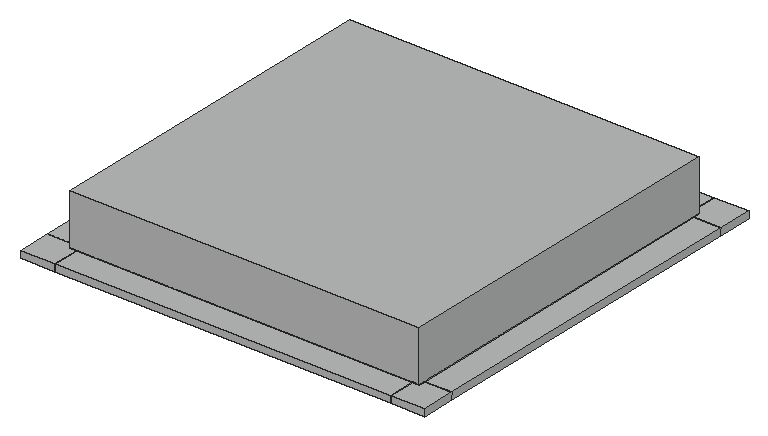
Revit family "ALUMOGIPS", category Осветительные приборы, Revit 2019 (continued)
Types (72, lengths in mm): name | Файл фотометрической сетки | built-in parameter 1150105 | Lumens | built-in parameter 1150106 | built-in parameter 1150142 | Wattage | Emit from Rectangle Width | Emit from Rectangle Length | Длина | Материал светильника | Ширина | ADSK_Ток | ADSK_Полная мощность | ADSK_Обозначение | ADSK_Номинальная мощность | ADSK_Наименование | ADSK_Масса | ADSK_Код изделия
  Alumogips-38/opal-sand 295х1195 (IP54, 4000К, белый) | "Светильник ALUMOGIPS-38 OPAL-SAND-(295x1195).ies" | 302.39 (stored number, unit not read) | 3800 lm | 3.0239 (stored number, unit not read) | "IESNA:LM-63-1995\r\n[TEST] Протокол №334/16 от 03.11.2016г. Испытательная лаборатория Государственного предприятия \"ЦСОТ НАН Беларуси\"\r\n[MORE] FFFFFFFD255B12BA015C13F525FB5F2F2\r\n[DATA] 02.11.2016\r\n[MANUFAC] ЗАО \"Центрстройсвет\"\r\n[LUMCAT] Светильник ALUMOGIPS-38/OPAL-SAND-(295X1195)\r\n[LUMINAIRE] офисное освещение\r\n[LAMP] \r\nTILT=NONE\r\n1    -1.0   1.000 91 181 1 2   .295   1.195   0.04\r\n1.0  1.0   37.90\r\n0.0 2.0 4.0 6.0 8.0 10.0 12.0 14.0 16.0 18.0 20.0 22.0 24.0 26.0 28.0 30.0 32.0 34.0 36.0 38.0 40.0 42.0 44.0 46.0 48.0 50.0 52.0 54.0 56.0 58.0 60.0 62.0 64.0 66.0 68.0 70.0 72.0 74.0 76.0 78.0 80.0 82.0 84.0 86.0 88.0 90.0 92.0 94.0 96.0 98.0 100.0 102.0 104.0 106.0 108.0 110.0 112.0 114.0 116.0 118.0 120.0 122.0 124.0 126.0 128.0 130.0 132.0 134.0 136.0 138.0 140.0 142.0 144.0 146.0 148.0 150.0 152.0 154.0 156.0 158.0 160.0 162.0 164.0 166.0 168.0 170.0 172.0 174.0 176.0 178.0 180.0 \r\n0.0 2.0 4.0 6.0 8.0 10.0 12.0 14.0 16.0 18.0 20.0 22.0 24.0 26.0 28.0 30.0 32.0 34.0 36.0 38.0 40.0 42.0 44.0 46.0 48.0 50.0 52.0 54.0 56.0 58.0 60.0 62.0 64.0 66.0 68.0 70.0 72.0 74.0 76.0 78.0 80.0 82.0 84.0 86.0 88.0 90.0 92.0 94.0 96.0 98.0 100.0 102.0 104.0 106.0 108.0 110.0 112.0 114.0 116.0 118.0 120.0 122.0 124.0 126.0 128.0 130.0 132.0 134.0 136.0 138.0 140.0 142.0 144.0 146.0 148.0 150.0 152.0 154.0 156.0 158.0 160.0 162.0 164.0 166.0 168.0 170.0 172.0 174.0 176.0 178.0 180.0 182.0 184.0 186.0 188.0 190.0 192.0 194.0 196.0 198.0 200.0 202.0 204.0 206.0 208.0 210.0 212.0 214.0 216.0 218.0 220.0 222.0 224.0 226.0 228.0 230.0 232.0 234.0 236.0 238.0 240.0 242.0 244.0 246.0 248.0 250.0 252.0 254.0 256.0 258.0 260.0 262.0 264.0 266.0 268.0 270.0 272.0 274.0 276.0 278.0 280.0 282.0 284.0 286.0 288.0 290.0 292.0 294.0 296.0 298.0 300.0 302.0 304.0 306.0 308.0 310.0 312.0 314.0 316.0 318.0 320.0 322.0 324.0 326.0 328.0 330.0 332.0 334.0 336.0 338.0 340.0 342.0 344.0 346.0 348.0 350.0 352.0 354.0 356.0 358.0 360.0 \r\n1417.637 1416.354 1411.816 1405.303 1395.733 1384.288 1370.276 1353.307 1334.658 1313.741 1290.456 1264.901 1237.669 1208.563 1177.582 1144.923 1111.476 1076.252 \r\n1039.646 1001.857 963.476 923.417 883.260 842.018 801.072 758.644 716.317 673.693 630.576 587.064 543.749 500.435 457.614 414.891 371.972 330.137 289.191 248.836 209.765 171.778 \r\n133.693 99.653 67.389 36.901 9.077 0.592 0.592 0.592 0.493 0.493 0.493 0.493 0.493 0.493 0.493 0.493 0.395 0.395 0.395 0.395 0.395 0.395 0.395 0.296 0.296 0.296 0.296 0.296 0.296 0.296 0.296 0.197 \r\n0.197 0.197 0.197 0.197 0.197 0.197 0.197 0.098 0.098 0.098 0.098 0.098 0.098 0.098 0.098 0.000 0.000 0.000 0.000 \r\n1417.637 1416.453 1411.914 1405.402 1395.930 1384.583 1370.671 1353.701 1335.053 1314.234 1290.850 1265.395 1238.261 1209.155 1178.075 1145.515 1112.067 1076.844 \r\n1040.239 1002.548 964.167 924.207 883.951 842.708 801.762 759.336 717.008 674.383 631.267 587.755 544.441 501.126 458.206 415.385 372.465 330.631 289.585 249.231 210.160 172.172 \r\n134.088 99.949 67.685 37.198 9.275 0.592 0.592 0.592 0.493 0.493 0.493 0.493 0.493 0.493 0.493 0.493 0.395 0.395 0.395 0.395 0.395 0.395 0.395 0.296 0.296 0.296 0.296 0.296 0.296 0.296 0.296 0.197 \r\n0.197 0.197 0.197 0.197 0.197 0.197 0.197 0.098 0.098 0.098 0.098 0.098 0.098 0.098 0.098 0.000 0.000 0.000 0.000 \r\n1417.637 1416.453 1412.013 1405.600 1396.226 1384.781 1370.968 1354.095 1335.448 1314.629 1291.344 1265.888 1238.754 1209.648 1178.667 1146.206 1112.758 1077.534 \r\n1040.929 1003.140 964.857 924.898 884.740 843.400 802.453 760.026 717.698 674.976 631.859 588.446 545.032 501.718 458.798 415.977 373.057 331.124 290.079 249.625 210.553 172.567 \r\n134.383 100.245 67.883 37.394 9.472 0.592 0.592 0.592 0.493 0.493 0.493 0.493 0.493 0.493 0.493 0.493 0.395 0.395 0.395 0.395 0.395 0.395 0.395 0.296 0.296 0.296 0.296 0.296 0.296 0.296 0.296 0.197 \r\n0.197 0.197 0.197 0.197 0.197 0.197 0.197 0.098 0.098 0.098 0.098 0.098 0.098 0.098 0.098 0.000 0.000 0.000 0.000 \r\n1417.637 1416.551 1412.111 1405.796 1396.423 1385.077 1371.264 1354.391 1335.842 1315.024 1291.837 1266.382 1239.248 1210.240 1179.259 1146.798 1113.350 1078.126 \r\n1041.620 1003.831 965.548 925.588 885.431 844.090 803.143 760.717 718.389 675.666 632.549 589.038 545.723 502.310 459.390 416.569 373.550 331.617 290.474 250.119 210.948 172.863 \r\n134.679 100.541 68.178 37.591 9.669 0.592 0.592 0.592 0.493 0.493 0.493 0.493 0.493 0.493 0.493 0.493 0.395 0.395 0.395 0.395 0.395 0.395 0.395 0.296 0.296 0.296 0.296 0.296 0.296 0.296 0.296 0.197 \r\n0.197 0.197 0.197 0.197 0.197 0.197 0.197 0.098 0.098 0.098 0.098 0.098 0.098 0.098 0.098 0.000 0.000 0.000 0.000 \r\n1417.637 1416.551 1412.309 1405.895 1396.621 1385.373 1371.559 1354.786 1336.237 1315.419 1292.232 1266.875 1239.742 1210.733 1179.851 1147.390 1113.942 1078.816 \r\n1042.310 1004.521 966.238 926.279 886.121 844.879 803.834 761.408 719.080 676.357 633.240 589.728 546.315 502.902 459.982 417.062 374.043 332.110 290.967 250.513 211.343 173.258 \r\n135.074 100.837 68.376 37.888 9.965 0.592 0.592 0.592 0.493 0.493 0.493 0.493 0.493 0.493 0.493 0.493 0.395 0.395 0.395 0.395 0.395 0.395 0.395 0.296 0.296 0.296 0.296 0.296 0.296 0.296 0.296 0.197 \r\n0.197 0.197 0.197 0.197 0.197 0.197 0.197 0.098 0.098 0.098 0.098 0.098 0.098 0.098 0.098 0.000 0.000 0.000 0.000 \r\n1417.637 1416.650 1412.407 1406.093 1396.917 1385.669 1371.954 1355.181 1336.632 1315.912 1292.725 1267.368 1240.334 1211.325 1180.443 1147.982 1114.633 1079.409 \r\n1042.903 1005.212 966.929 926.969 886.812 845.569 804.524 762.098 719.770 677.048 633.832 590.320 546.907 503.494 460.574 417.654 374.636 332.603 291.460 250.908 211.738 173.653 \r\n135.371 101.133 68.671 38.086 10.163 0.592 0.592 0.592 0.493 0.493 0.493 0.493 0.493 0.493 0.493 0.493 0.395 0.395 0.395 0.395 0.395 0.395 0.395 0.296 0.296 0.296 0.296 0.296 0.296 0.296 0.296 0.197 \r\n0.197 0.197 0.197 0.197 0.197 0.197 0.197 0.098 0.098 0.098 0.098 0.098 0.098 0.098 0.098 0.000 0.000 0.000 0.000 \r\n1417.637 1416.650 1412.506 1406.191 1397.114 1385.866 1372.250 1355.576 1337.027 1316.307 1293.218 1267.861 1240.827 1211.918 1181.035 1148.672 1115.225 1080.099 \r\n1043.593 1005.902 967.620 927.660 887.503 846.260 805.215 762.789 720.461 677.739 634.523 591.011 547.598 504.086 461.166 418.247 375.129 333.098 291.855 251.401 212.132 173.948 \r\n135.666 101.429 68.968 38.381 10.360 0.592 0.592 0.592 0.493 0.493 0.493 0.493 0.493 0.493 0.493 0.493 0.395 0.395 0.395 0.395 0.395 0.395 0.395 0.296 0.296 0.296 0.296 0.296 0.296 0.296 0.296 0.197 \r\n0.197 0.197 0.197 0.197 0.197 0.197 0.197 0.098 0.098 0.098 0.098 0.098 0.098 0.098 0.098 0.000 0.000 0.000 0.000 \r\n1417.637 1416.650 1412.604 1406.389 1397.311 1386.162 1372.546 1355.871 1337.421 1316.701 1293.613 1268.355 1241.320 1212.411 1181.627 1149.265 1115.816 1080.691 \r\n1044.284 1006.593 968.212 928.351 888.194 846.951 805.906 763.479 721.151 678.429 635.213 591.702 548.190 504.777 461.758 418.740 375.721 333.591 292.348 251.796 212.527 174.343 \r\n135.962 101.627 69.165 38.579 10.557 0.592 0.592 0.592 0.493 0.493 0.493 0.493 0.493 0.493 0.493 0.395 0.395 0.395 0.395 0.395 0.395 0.395 0.395 0.296 0.296 0.296 0.296 0.296 0.296 0.296 0.296 0.197 \r\n0.197 0.197 0.197 0.197 0.197 0.197 0.197 0.098 0.098 0.098 0.098 0.098 0.098 0.098 0.098 0.000 0.000 0.000 0.000 \r\n1417.637 1416.749 1412.704 1406.586 1397.607 1386.458 1372.941 1356.266 1337.815 1317.095 1294.106 1268.848 1241.813 1213.003 1182.219 1149.856 1116.409 1081.382 \r\n1044.876 1007.283 968.902 929.042 888.885 847.642 806.597 764.170 721.843 679.120 635.806 592.293 548.881 505.368 462.351 419.332 376.214 334.084 292.841 252.191 212.922 174.738 \r\n136.357 101.922 69.461 38.776 10.853 0.592 0.592 0.592 0.493 0.493 0.493 0.493 0.493 0.493 0.493 0.395 0.395 0.395 0.395 0.395 0.395 0.395 0.395 0.296 0.296 0.296 0.296 0.296 0.296 0.296 0.296 0.197 \r\n0.197 0.197 0.197 0.197 0.197 0.197 0.197 0.098 0.098 0.098 0.098 0.098 0.098 0.098 0.098 0.000 0.000 0.000 0.000 \r\n1417.637 1416.749 1412.802 1406.684 1397.805 1386.754 1373.237 1356.661 1338.210 1317.589 1294.599 1269.341 1242.406 1213.496 1182.811 1150.448 1117.099 1081.974 \r\n1045.566 1007.974 969.593 929.732 889.575 848.333 807.287 764.861 722.533 679.712 636.496 592.985 549.472 505.960 462.942 419.825 376.707 334.577 293.236 252.684 213.317 175.034 \r\n136.652 102.218 69.659 39.072 11.051 0.592 0.592 0.592 0.493 0.493 0.493 0.493 0.493 0.493 0.493 0.395 0.395 0.395 0.395 0.395 0.395 0.395 0.395 0.296 0.296 0.296 0.296 0.296 0.296 0.296 0.296 0.197 \r\n0.197 0.197 0.197 0.197 0.197 0.197 0.197 0.098 0.098 0.098 0.098 0.098 0.098 0.098 0.098 0.000 0.000 0.000 0.000 \r\n1417.637 1416.848 1412.901 1406.882 1398.002 1387.051 1373.533 1356.957 1338.605 1317.983 1294.994 1269.834 1242.899 1214.089 1183.403 1151.041 1117.692 1082.665 \r\n1046.257 1008.566 970.284 930.423 890.266 849.121 807.978 765.552 723.224 680.403 637.187 593.675 550.163 506.553 463.534 420.416 377.300 335.071 293.729 253.079 213.712 175.429 \r\n136.949 102.515 69.954 39.269 11.248 0.592 0.592 0.592 0.493 0.493 0.493 0.493 0.493 0.493 0.493 0.395 0.395 0.395 0.395 0.395 0.395 0.395 0.395 0.296 0.296 0.296 0.296 0.296 0.296 0.296 0.296 0.197 \r\n0.197 0.197 0.197 0.197 0.197 0.197 0.197 0.098 0.098 0.098 0.098 0.098 0.098 0.098 0.098 0.000 0.000 0.000 0.000 \r\n1417.637 1416.848 1412.999 1407.079 1398.298 1387.247 1373.829 1357.352 1339.000 1318.378 1295.488 1270.327 1243.392 1214.680 1183.995 1151.731 1118.283 1083.257 \r\n1046.849 1009.257 970.975 931.113 891.055 849.813 808.668 766.242 723.914 681.093 637.779 594.266 550.755 507.145 464.126 421.009 377.793 335.564 294.222 253.474 214.105 175.823 \r\n137.343 102.810 70.250 39.467 11.445 0.592 0.592 0.592 0.493 0.493 0.493 0.493 0.493 0.493 0.493 0.395 0.395 0.395 0.395 0.395 0.395 0.395 0.395 0.296 0.296 0.296 0.296 0.296 0.296 0.296 0.296 0.197 \r\n0.197 0.197 0.197 0.197 0.197 0.197 0.197 0.098 0.098 0.098 0.098 0.098 0.098 0.098 0.098 0.000 0.000 0.000 0.000 \r\n1417.637 1416.946 1413.098 1407.178 1398.495 1387.544 1374.223 1357.747 1339.395 1318.773 1295.882 1270.822 1243.886 1215.174 1184.587 1152.323 1118.974 1083.848 \r\n1047.540 1009.947 971.665 931.903 891.746 850.503 809.359 766.933 724.507 681.784 638.470 594.958 551.445 507.836 464.718 421.502 378.287 336.057 294.617 253.967 214.500 176.119 \r\n137.640 103.106 70.447 39.762 11.741 0.592 0.592 0.592 0.493 0.493 0.493 0.493 0.493 0.493 0.493 0.395 0.395 0.395 0.395 0.395 0.395 0.395 0.395 0.296 0.296 0.296 0.296 0.296 0.296 0.296 0.296 0.197 \r\n0.197 0.197 0.197 0.197 0.197 0.197 0.197 0.098 0.098 0.098 0.098 0.098 0.098 0.098 0.098 0.000 0.000 0.000 0.000 \r\n1417.637 1416.946 1413.197 1407.376 1398.693 1387.839 1374.520 1358.042 1339.789 1319.168 1296.376 1271.315 1244.477 1215.765 1185.179 1152.915 1119.566 1084.539 \r\n1048.230 1010.638 972.356 932.594 892.436 851.194 810.050 767.623 725.197 682.474 639.160 595.649 552.038 508.427 465.310 422.094 378.878 336.550 295.111 254.362 214.895 176.514 \r\n137.935 103.403 70.744 39.960 11.939 0.592 0.592 0.592 0.493 0.493 0.493 0.493 0.493 0.493 0.493 0.395 0.395 0.395 0.395 0.395 0.395 0.395 0.395 0.296 0.296 0.296 0.296 0.296 0.296 0.296 0.296 0.197 \r\n0.197 0.197 0.197 0.197 0.197 0.197 0.197 0.098 0.098 0.098 0.098 0.098 0.098 0.098 0.098 0.000 0.000 0.000 0.000 \r\n1417.637 1417.044 1413.295 1407.474 1398.890 1388.135 1374.815 1358.437 1340.184 1319.661 1296.869 1271.808 1244.971 1216.258 1185.673 1153.507 1120.158 1085.131 \r\n1048.823 1011.329 973.046 933.284 893.127 851.884 810.741 768.314 725.888 683.165 639.752 596.240 552.728 509.019 465.902 422.686 379.371 337.044 295.505 254.757 215.388 176.909 \r\n138.232 103.698 70.942 40.157 12.136 0.592 0.592 0.592 0.493 0.493 0.493 0.493 0.493 0.493 0.493 0.395 0.395 0.395 0.395 0.395 0.395 0.395 0.395 0.296 0.296 0.296 0.296 0.296 0.296 0.296 0.296 0.197 \r\n0.197 0.197 0.197 0.197 0.197 0.197 0.197 0.098 0.098 0.098 0.098 0.098 0.098 0.098 0.098 0.000 0.000 0.000 0.000 \r\n1417.637 1417.044 1413.394 1407.671 1399.187 1388.333 1375.111 1358.832 1340.578 1320.056 1297.264 1272.301 1245.464 1216.851 1186.264 1154.099 1120.849 1085.822 \r\n1049.513 1012.020 973.737 933.975 893.818 852.575 811.432 769.004 726.578 683.855 640.443 596.930 553.321 509.611 466.494 423.180 379.964 337.537 295.999 255.250 215.783 177.304 \r\n138.626 103.994 71.237 40.453 12.333 0.592 0.592 0.592 0.493 0.493 0.493 0.493 0.493 0.493 0.493 0.395 0.395 0.395 0.395 0.395 0.395 0.395 0.395 0.296 0.296 0.296 0.296 0.296 0.296 0.296 0.296 0.197 \r\n0.197 0.197 0.197 0.197 0.197 0.197 0.197 0.098 0.098 0.098 0.098 0.098 0.098 0.098 0.098 0.000 0.000 0.000 0.000 \r\n1417.637 1417.143 1413.492 1407.869 1399.383 1388.629 1375.506 1359.226 1340.973 1320.451 1297.757 1272.795 1246.056 1217.443 1186.856 1154.790 1121.441 1086.414 \r\n1050.204 1012.711 974.428 934.665 894.508 853.365 812.122 769.695 727.269 684.448 641.134 597.523 554.011 510.203 467.086 423.772 380.457 338.031 296.492 255.645 216.178 177.599 \r\n138.922 104.291 71.533 40.650 12.629 0.592 0.592 0.592 0.493 0.493 0.493 0.493 0.493 0.493 0.493 0.395 0.395 0.395 0.395 0.395 0.395 0.395 0.395 0.296 0.296 0.296 0.296 0.296 0.296 0.296 0.296 0.197 \r\n0.197 0.197 0.197 0.197 0.197 0.197 0.197 0.098 0.098 0.098 0.098 0.098 0.098 0.098 0.098 0.000 0.000 0.000 0.000 \r\n1417.637 1417.143 1413.592 1407.967 1399.580 1388.925 1375.803 1359.523 1341.367 1320.845 1298.250 1273.288 1246.550 1217.936 1187.448 1155.382 1122.032 1087.105 \r\n1050.894 1013.401 975.119 935.356 895.199 854.055 812.813 770.386 727.959 685.138 641.725 598.213 554.603 510.795 467.678 424.265 380.951 338.524 296.887 256.038 216.573 177.994 \r\n139.218 104.586 71.730 40.848 12.826 0.592 0.592 0.493 0.493 0.493 0.493 0.493 0.493 0.493 0.493 0.395 0.395 0.395 0.395 0.395 0.395 0.395 0.395 0.296 0.296 0.296 0.296 0.296 0.296 0.296 0.296 0.197 \r\n0.197 0.197 0.197 0.197 0.197 0.197 0.197 0.098 0.098 0.098 0.098 0.098 0.098 0.098 0.098 0.000 0.000 0.000 0.000 \r\n1417.637 1417.242 1413.690 1408.165 1399.877 1389.220 1376.098 1359.917 1341.762 1321.339 1298.645 1273.781 1247.043 1218.528 1188.041 1155.974 1122.723 1087.697 \r\n1051.487 1013.993 975.810 936.046 895.889 854.746 813.503 771.077 728.650 685.829 642.416 598.904 555.294 511.486 468.270 424.857 381.542 339.018 297.380 256.533 216.967 178.389 \r\n139.613 104.882 72.026 41.143 13.024 0.592 0.592 0.493 0.493 0.493 0.493 0.493 0.493 0.493 0.493 0.395 0.395 0.395 0.395 0.395 0.395 0.395 0.395 0.296 0.296 0.296 0.296 0.296 0.296 0.296 0.296 0.197 \r\n0.197 0.197 0.197 0.197 0.197 0.197 0.197 0.098 0.098 0.098 0.098 0.098 0.098 0.098 0.098 0.000 0.000 0.000 0.000 \r\n1417.637 1417.242 1413.789 1408.362 1400.075 1389.517 1376.394 1360.311 1342.157 1321.733 1299.138 1274.274 1247.536 1219.022 1188.632 1156.566 1123.315 1088.388 \r\n1052.177 1014.684 976.500 936.738 896.581 855.436 814.194 771.768 729.341 686.519 643.107 599.496 555.885 512.078 468.862 425.449 382.035 339.511 297.873 256.926 217.362 178.685 \r\n139.909 105.079 72.223 41.341 13.221 0.592 0.592 0.493 0.493 0.493 0.493 0.493 0.493 0.493 0.493 0.395 0.395 0.395 0.395 0.395 0.395 0.395 0.395 0.296 0.296 0.296 0.296 0.296 0.296 0.296 0.296 0.197 \r\n0.197 0.197 0.197 0.197 0.197 0.197 0.197 0.098 0.098 0.098 0.098 0.098 0.098 0.098 0.098 0.000 0.000 0.000 0.000 \r\n1417.637 1417.341 1413.986 1408.461 1400.271 1389.715 1376.789 1360.608 1342.552 1322.128 1299.632 1274.768 1248.128 1219.614 1189.224 1157.256 1123.907 1088.980 \r\n1052.868 1015.374 977.191 937.428 897.369 856.127 814.884 772.458 730.032 687.211 643.698 600.187 556.577 512.670 469.454 425.942 382.529 340.004 298.268 257.321 217.756 179.080 \r\n140.204 105.376 72.520 41.538 13.517 0.592 0.592 0.493 0.493 0.493 0.493 0.493 0.493 0.493 0.493 0.395 0.395 0.3
